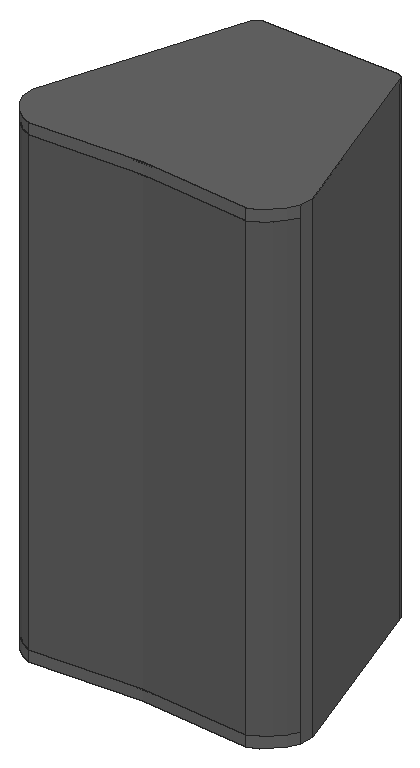
Revit family "AP-5122", category Communication Devices, Revit 2012
Parameters
  Width = 381 mm
  Weight Product (lb) = 65
  Weight Product (kg) = 29.5
  Weight Dimensional (lb) = 72
  Weight Dimensional (kg) = 33
  URL = "http://www.qsc.com/products/speakers/ap/"
  Taper Offset from Front = 61 mm
  Sensitivity = 95
  SPL Max = 128
  Regulatory Compliance = "RoHS"
  Rear Face Width = 197 mm
  Product Page URL = "http://www.qsc.com/products/speakers/ap/"
  Product Documentation Link = "http://qscmarketing.com/files/4413/5542/5758/AP-5122_SpecSheet_121212.pdf"
  Power Handling = 550
  Model = "AP-5122"
  Manufacturer URL = "www.qscaudio.com"
  Manufacturer = "QSC Audio Products, LLC"
  Impedance = 8
  Height = 660 mm
  Grill Rear Offset from Front = 42 mm
  Grille Material [instance] = Black Grille
  Grill Height = 630 mm
  Grill Apex to Apex = 296 mm
  Front Curve Raidus = 80 mm
  Enclosure Material [instance] = Black Finish
  Description = "12-inch, Two-way Trapezoidal Enclosure with 90-degree Axisymmetric Coverage\r\n12-inch, Two-way Trapezoidal Enclosure with 90-degree Axisymmetric Coverage"
  Depth = 330 mm
  Default Elevation = 0 mm
  Coverage Vertical = 90.00°
  Coverage Horizontal = 90.00°
Reference planes
  plane 1 "Front": y = 0
  plane 2 "Center (Elevation)": z = 0
  plane 3 "Center (Left/Right)": x = 0
  plane 4 "Back": y = 330
  plane 5 "Left": x = -190.5
  plane 6 "Right": x = 190.5
  plane 7 "Top": z = 330
  plane 8 "Bottom": z = -330
  plane 9 "Grill Top": z = 315
  plane 10 "Grill Bottom": z = -315
  plane 11 "Grill Apex Left": x = -148
  plane 12 "Grill Apex Right": x = 148
  plane 13 "Rear Face Left": x = -98.5
  plane 14 "Rear Face Right": x = 98.5
  plane 15 "Taper Begin": y = 61
  plane 16 "Grill Rear": y = 42
Forms (mm)
  Extrusion 1, solid, material "Black Finish" <- "Enclosure Material"
    sketch origin (0, 0, -330) x (0, -1, 0) y (1, 0, 0)
      loop
        line (-330, 89.147) -> (-330, -89.147)
        arc (-330, -89.147) -> (-327.641, -96.924) -> (-321.36, -102.081) r 14
        line (-321.36, -102.081) -> (-61, -190.5) -> (-42, -190.5)
        arc (-42, -190.5) -> (-16.958, -173.542) -> (0, -148.5) r 80
        spline (0, -148.5) -> (-2.786, -123.75) -> (-5.065, -99) -> (-6.838, -74.25) -> (-8.104, -49.5) -> (-8.864, -24.75) -> (-9.117, 0) -> (-8.864, 24.75) -> (-8.104, 49.5) -> (-6.838, 74.25) -> (-5.065, 99) -> (-2.786, 123.75) -> (0, 148.5)
        arc (0, 148.5) -> (-16.958, 173.542) -> (-42, 190.5) r 80
        line (-42, 190.5) -> (-61, 190.5) -> (-321.36, 102.081)
        arc (-321.36, 102.081) -> (-327.641, 96.924) -> (-330, 89.147) r 14
    from 0 to 660 <- "Height"
  Extrusion 2, void
    sketch origin (0, 0, -315) x (0, -1, 0) y (1, 0, 0)
      loop
        line (-42, -190.5) -> (0, -190.5) -> (0, 190.5) -> (-42, 190.5) -> (-42, -190.5)
    from 0 to 630 <- "Grill Height"
  Extrusion 3, solid, material "Black Grille" <- "Grille Material"
    sketch origin (0, 0, -315) x (0, -1, 0) y (1, 0, 0)
      loop
        arc (-42, -190.5) -> (-16.958, -173.542) -> (0, -148.5) r 80
        spline (0, -148.5) -> (-2.786, -123.75) -> (-5.065, -99) -> (-6.838, -74.25) -> (-8.104, -49.5) -> (-8.864, -24.75) -> (-9.117, 0) -> (-8.864, 24.75) -> (-8.104, 49.5) -> (-6.838, 74.25) -> (-5.065, 99) -> (-2.786, 123.75) -> (0, 148.5)
        arc (0, 148.5) -> (-16.958, 173.542) -> (-42, 190.5) r 80
        line (-42, 190.5) -> (-42, -190.5)
    from 0 to 630 <- "Grill Height"
Cuts and joins
  Extrusion 2 cuts Extrusion 1
Lines and regions (mm)
  model lines, detail levels fine
    curve 1: line (5.593, 20.918, 330) -> (-0.935, 29.52, 330)
    curve 2: line (-0.935, 29.52, 330) -> (5.593, 20.918, 330)
    curve 3: line (-24.606, 21.992, 330) -> (-22.139, 30.865, 330)
    curve 4: line (-22.139, 30.865, 330) -> (-24.606, 21.992, 330)
    curve 5: line (-20.486, 16.117, 330) -> (-22.327, 32.537, 330)
    curve 6: line (-22.327, 32.537, 330) -> (-20.486, 16.117, 330)
    curve 7: line (14.335, 27.605, 330) -> (20.157, 23.328, 330)
    curve 8: line (20.157, 23.328, 330) -> (14.335, 27.605, 330)
  model lines, detail levels medium+fine
    curve 9: line (-54.908, 39.912, 330) -> (-62.288, 7.111, 330)
    curve 10: arc (-49.825, 42, 330) -> (-52.573, 41.458, 330) -> (-54.908, 39.912, 330) r 7.23
    curve 11: line (-49.825, 42, 330) -> (0, 42, 330)
    curve 12: line (54.908, 39.912, 330) -> (62.288, 7.111, 330)
    curve 13: arc (49.825, 42, 330) -> (52.573, 41.458, 330) -> (54.908, 39.912, 330) r 7.23
    curve 14: line (49.825, 42, 330) -> (0, 42, 330)
Dimensions and locks
  "Depth": plane 4 "Back" to plane 1 "Front"
  equal spacing: plane 5 "Left", plane 3 "Center (Left/Right)", plane 6 "Right"
  "Width": plane 5 "Left" to plane 6 "Right"
  equal spacing: plane 7 "Top", plane 2 "Center (Elevation)", plane 8 "Bottom"
  "Height": plane 7 "Top" to plane 8 "Bottom"
  equal spacing: plane 9 "Grill Top", plane 2 "Center (Elevation)", plane 10 "Grill Bottom"
  "Grill Height": plane 9 "Grill Top" to plane 10 "Grill Bottom"
  equal spacing: plane 11 "Grill Apex Left", plane 3 "Center (Left/Right)", plane 12 "Grill Apex Right"
  "Grill Apex to Apex": plane 11 "Grill Apex Left" to plane 12 "Grill Apex Right"
  equal spacing: plane 13 "Rear Face Left", plane 3 "Center (Left/Right)", plane 14 "Rear Face Right"
  "Rear Face Width": plane 13 "Rear Face Left" to plane 14 "Rear Face Right"
  "Taper Offset from Front": plane 15 "Taper Begin" to plane 1 "Front"
  "Grill Rear Offset from Front": plane 16 "Grill Rear" to plane 1 "Front"
  "Front Curve Raidus": radius of Extrusion 1 sketch curve  (x2)
  aligned and locked: plane 2 "Center (Elevation)" to level
  aligned and locked: plane 4 "Back" to Extrusion 1 sketch curve
  aligned and locked: plane 5 "Left" to Extrusion 1 sketch curve
  aligned and locked: Extrusion 1 sketch curve to plane 6 "Right"
  aligned and locked: plane 16 "Grill Rear" to Extrusion 2 sketch curve
  aligned and locked: Extrusion 2 sketch curve to plane 5 "Left"
  aligned and locked: plane 1 "Front" to Extrusion 2 sketch curve
  aligned and locked: Extrusion 2 sketch curve to plane 6 "Right"
  aligned and locked: Extrusion 3 sketch curve to cut or joined group of Extrusion 1, Extrusion 2  (x3)
Automatic sketch dimensions
  Extrusion 1 sketch curve to plane 15 "Taper Begin" = 0 mm  (x2)
  Extrusion 1 sketch curve to plane 16 "Grill Rear" = 0 mm  (x2)
  plane 1 "Front" to Extrusion 1 sketch curve = 0 mm
  Extrusion 1 sketch curve to plane 13 "Rear Face Left" = 3.581 mm
  plane 4 "Back" to Extrusion 1 sketch curve = 8.64 mm  (x2)
  Extrusion 1 sketch curve to plane 14 "Rear Face Right" = 3.581 mm
  plane 14 "Rear Face Right" to Extrusion 1 sketch curve = 9.353 mm
  plane 13 "Rear Face Left" to Extrusion 1 sketch curve = 9.353 mm
  Extrusion 1 sketch curve to plane 15 "Taper Begin" = 12.526 mm  (x2)
  plane 1 "Front" to Extrusion 3 sketch curve = 0 mm
  curve 14 to plane 16 "Grill Rear" = 0 mm
  curve 11 to plane 3 "Center (Left/Right)" = 0 mm
  plane 3 "Center (Left/Right)" to curve 1 = 5.593 mm
  curve 2 to curve 1 = 0 mm  (x2)
  curve 7 to curve 1 = 8.742 mm
  curve 8 to curve 7 = 0 mm  (x2)
  curve 8 to curve 7 = 5.822 mm
  curve 7 to curve 8 = 0 mm  (x2)
  curve 13 to plane 16 "Grill Rear" = 7.23 mm
  curve 13 to curve 7 = 29.668 mm
  curve 12 to plane 16 "Grill Rear" = 2.088 mm
  curve 12 to plane 1 "Front" = 7.111 mm
  curve 12 to curve 13 = 12.462 mm
  curve 2 to plane 3 "Center (Left/Right)" = 0.935 mm
  curve 1 to curve 2 = 0 mm  (x2)
  curve 5 to plane 3 "Center (Left/Right)" = 20.486 mm
  curve 6 to curve 5 = 0 mm  (x4)
  curve 6 to curve 3 = 1.653 mm
  curve 4 to plane 16 "Grill Rear" = 11.135 mm
  curve 4 to curve 3 = 0 mm  (x2)
  curve 5 to plane 16 "Grill Rear" = 9.463 mm
  curve 3 to curve 5 = 0.187 mm
  curve 6 to curve 4 = 4.12 mm
  curve 3 to curve 4 = 0 mm
  curve 10 to plane 16 "Grill Rear" = 7.23 mm
  curve 6 to curve 10 = 27.498 mm
  curve 10 to plane 16 "Grill Rear" = 2.088 mm
  curve 9 to plane 1 "Front" = 7.111 mm
  curve 10 to curve 9 = 12.462 mm
  curve 1 to plane 16 "Grill Rear" = 12.48 mm
  curve 1 to curve 7 = 1.914 mm
  curve 7 to curve 8 = 4.277 mm
  curve 3 to curve 5 = 5.875 mm
  curve 1 to curve 2 = 8.602 mm
Connectors
  electrical at (0, 330, 0)
    settings: on cut or joined group of Extrusion 1, Extrusion 2, index 1, voltage 0 V, apparent load 0 VA, apparent load phase1 0 VA, apparent load phase2 0 VA, apparent load phase3 0 VA, power factor 1, load classification "Other", number of poles 1, system type 14, power factor state 1, is connector primary yes, connector utility no, sub classification motor no, connector description "Speaker Input (Passive/LF)"
  electrical at (0, 330, 0)
    settings: on cut or joined group of Extrusion 1, Extrusion 2, index 2, voltage 0 V, apparent load 0 VA, apparent load phase1 0 VA, apparent load phase2 0 VA, apparent load phase3 0 VA, power factor 1, load classification "Other", number of poles 1, system type 14, power factor state 1, is connector primary no, connector utility no, sub classification motor no, connector description "Speaker Input (HF)"
